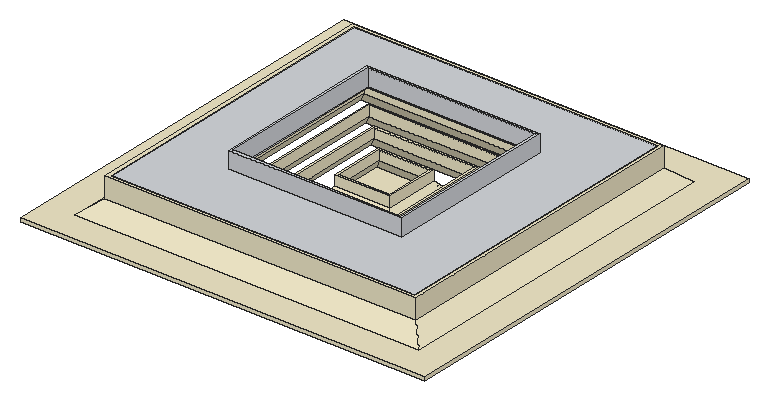
Revit family "Square Diffuser-Square Neck-Extract", category Air Terminals, Revit 2013
Parameters (values of type "600x600-Square Diffuser-Round Neck-Supply")
  UpFlowArrow [instance] = yes
  Title 1 = ""
  Pressure Drop [instance] = 14.0 Pa
  RightFlowArrow [instance] = yes
  Max Flow = 125.0 L/s
  LeftFlowArrow [instance] = yes
  Flow [instance] = 100.0 L/s
  Diffuser Service [instance] = "ED"
  Diffuser Neck Length = 450 mm
  Diffuser Neck Width = 450 mm
  DownFlowArrow [instance] = yes
  Diffuser Total Length = Diffuser Neck Length + 150.0 mm  # 600.0 mm
  Diffuser Total Width = Diffuser Neck Width + 150.0 mm  # 600.0 mm
  Description = ""
  Connection Length [instance] = if(Air Flow < 56.0 L/s, 150.0 mm, if(Air Flow < 91.0 L/s, 200.0 mm, if(Air Flow < 141.0 L/s, 250.0 mm, if(Air Flow < 191.0 L/s, 300.0 mm, if(Air Flow < 301.0 L/s, 300.0 mm, if(Air Flow < 251.0 L/s, 350.0 mm, 400.0 mm))))))  # 250 mm
  Assembly Code = ""
  Air Flow [instance] = Flow  # 100.0 L/s
Types (5, lengths in mm): name | Max Flow | Flow | Diffuser Service | Diffuser Neck Length | Diffuser Neck Width | Diffuser Total Length | Diffuser Total Width | Connection Length | Air Flow
  600x600-Square Diffuser-Round Neck-Supply | 125.0 L/s | 100.0 L/s | "ED" | 450 | 450 | 600.0 | 600.0 | 250 | 100.0 L/s
  525x525-Square Diffuser-Round Neck-Supply | 70.0 L/s | 70.0 L/s | "SD" | 375 | 375 | 525.0 | 525.0 | 200 | 70.0 L/s
  450x450-Square Diffuser-Round Neck-Supply | 70.0 L/s | 70.0 L/s | "SD" | 300 | 300 | 450.0 | 450.0 | 200 | 70.0 L/s
  300x300-Square Diffuser-Round Neck-Supply | 30.0 L/s | 65.0 L/s | "SD" | 225 | 225 | 375.0 | 375.0 | 200 | 65.0 L/s
  375x375-Square Diffuser-Round Neck-Supply | 120.0 L/s | 120.0 L/s | "SD" | 225 | 225 | 375.0 | 375.0 | 250 | 120.0 L/s
Reference planes
  plane 1 "Center (Front/Back)": y = 0
  plane 2: z = 0
  plane 3 "Center (Left/Right)": x = 0
  plane 4: x = -225
  plane 5: x = 225
  plane 6: x = -230
  plane 7: x = 230
  plane 8: y = 225
  plane 9: y = -225
  plane 10: y = 230
  plane 11: y = -230
  plane 12: z = -5
  plane 13: x = -255
  plane 14: x = -300
  plane 15: x = 255
  plane 16: x = 300
  plane 17: z = 20
  plane 18 "Neck": z = 50
  plane 19: y = 350
  plane 20: x = 350
  plane 21: y = -350
  plane 22: x = -350
  plane 23 "Duct Conn": z = 75
  plane 24: x = 125
  plane 25: y = -125
  plane 26: y = 125
  plane 27: y = 128
  plane 28: y = -128
  plane 29: x = -125
  plane 30: x = -128
  plane 31: x = 128
Forms (mm)
  Sweep 1, solid, material "Grille"
    path origin (0, 0, 0) x (1, 0, 0) y (0, 1, 0)
      loop
        line (-230, -230) -> (230, -230) -> (230, 230) -> (-230, 230) -> (-230, -230)
    profile origin (-230, 0, 0) x (-1, 0, 0) y (0, 0, 1)
      loop
        line (70, -5) -> (70, 0) -> (25, 0) -> (0, 20) -> (0, 50) -> (-5, 50) -> (-5, 17.597) -> (23.246, -5) -> (70, -5)
  Sweep 2, solid, material "Grille"
    path origin (0, 0, 0) x (1, 0, 0) y (0, 1, 0)
      loop
        line (-212.5, -212.5) -> (212.5, -212.5) -> (212.5, 212.5) -> (-212.5, 212.5) -> (-212.5, -212.5)
    profile "Sq Diff Fins : Sq Diff Fins" origin (-212.5, 0, 0) x (-1, 0, 0) y (0, 0, 1)
      loop
        line (0, -5) -> (-22, 20) -> (-22, 35) -> (-25, 35) -> (-25, 20) -> (-3.5, -5) -> (0, -5)
  Sweep 3, solid, material "Grille"
    path origin (0, 0, 0) x (1, 0, 0) y (0, 1, 0)
      loop
        line (-175, -175) -> (175, -175) -> (175, 175) -> (-175, 175) -> (-175, -175)
    profile "Sq Diff Fins : Sq Diff Fins" origin (-175, 0, 0) x (-1, 0, 0) y (0, 0, 1)
      loop
        line (0, -5) -> (-22, 20) -> (-22, 35) -> (-25, 35) -> (-25, 20) -> (-3.5, -5) -> (0, -5)
  Sweep 4, solid, material "Grille"
    path origin (0, 0, 0) x (1, 0, 0) y (0, 1, 0)
      loop
        line (-137.5, -137.5) -> (137.5, -137.5) -> (137.5, 137.5) -> (-137.5, 137.5) -> (-137.5, -137.5)
    profile "Sq Diff Fins : Sq Diff Fins" origin (-137.5, 0, 0) x (-1, 0, 0) y (0, 0, 1)
      loop
        line (0, -5) -> (-22, 20) -> (-22, 35) -> (-25, 35) -> (-25, 20) -> (-3.5, -5) -> (0, -5)
  Sweep 5, solid, material "Grille"
    path origin (0, 0, 0) x (1, 0, 0) y (0, 1, 0)
      loop
        line (-100, -100) -> (100, -100) -> (100, 100) -> (-100, 100) -> (-100, -100)
    profile "Sq Diff Fins : Sq Diff Fins" origin (-100, 0, 0) x (-1, 0, 0) y (0, 0, 1)
      loop
        line (0, -5) -> (-22, 20) -> (-22, 35) -> (-25, 35) -> (-25, 20) -> (-3.5, -5) -> (0, -5)
  Sweep 6, solid, material "Grille"
    path origin (0, 0, 0) x (1, 0, 0) y (0, 1, 0)
      loop
        line (-62.5, -62.5) -> (62.5, -62.5) -> (62.5, 62.5) -> (-62.5, 62.5) -> (-62.5, -62.5)
    profile "Sq Diff Fins : Sq Diff Fins" origin (-62.5, 0, 0) x (-1, 0, 0) y (0, 0, 1)
      loop
        line (0, -5) -> (-22, 20) -> (-22, 35) -> (-25, 35) -> (-25, 20) -> (-3.5, -5) -> (0, -5)
  Extrusion 7, solid, material "Grille"
    sketch origin (0, 0, 0) x (1, 0, 0) y (0, 1, 0)
      loop
        line (-62.5, -62.5) -> (62.5, -62.5) -> (62.5, 62.5) -> (-62.5, 62.5) -> (-62.5, -62.5)
    from -5 to -4
  Extrusion 8, solid
    sketch origin (0, 0, 0) x (1, 0, 0) y (0, 1, 0)
      loop
        line (-225, -225) -> (225, -225) -> (225, 225) -> (-225, 225) -> (-225, -225)
    from 50 to 48
  Extrusion 9, solid
    sketch origin (0, 0, 75) x (-1, 0, 0) y (0, -1, 0)
      loop
        line (125, 125) -> (-125, 125) -> (-125, -125) -> (125, -125) -> (125, 125)
      loop
        line (128, 128) -> (-128, 128) -> (-128, -128) -> (128, -128) -> (128, 128)
    from 0 to -25
  Extrusion 10, void
    sketch origin (0, 0, 50) x (-1, 0, 0) y (0, -1, 0)
      loop
        line (125, 125) -> (-125, 125) -> (-125, -125) -> (125, -125) -> (125, 125)
    from 0 to -2
Cuts and joins
  Extrusion 10 cuts Extrusion 8
Lines and regions (mm)
  symbolic lines
    curve 1: line (-300, 300, 0) -> (300, 300, 0)
    curve 2: line (-300, -300, 0) -> (-300, 300, 0)
    curve 3: line (300, -300, 0) -> (-300, -300, 0)
    curve 4: line (300, 300, 0) -> (300, -300, 0)
    curve 5: line (300, 300, 0) -> (-300, -300, 0)
    curve 6: line (-300, 300, 0) -> (300, -300, 0)
Dimensions and locks
  equal spacing: plane 5, plane 3 "Center (Left/Right)", plane 4
  "Diffuser Neck Length": plane 5 to plane 4
  locked: plane 6 to plane 4 at 5
  locked: plane 7 to plane 5 at 5
  equal spacing: plane 8, plane 1 "Center (Front/Back)", plane 9
  "Diffuser Neck Width": plane 8 to plane 9
  locked: plane 9 to plane 11 at 5
  locked: plane 10 to plane 8 at 5
  locked: level to plane 12 at 5
  locked: plane 4 to plane 13 at 30
  locked: plane 13 to plane 14 at 45
  locked: plane 15 to plane 5 at 30
  locked: plane 16 to plane 15 at 45
  locked: plane 17 to level at 20
  locked: plane 18 "Neck" to plane 17 at 30
  plane 5 to plane 20 = 125.0 mm
  plane 22 to plane 4 = 125.0 mm
  plane 19 to plane 8 = 125.0 mm
  plane 9 to plane 21 = 125.0 mm
  plane 23 "Duct Conn" to plane 18 "Neck" = 25.0 mm
  equal spacing: plane 26, plane 1 "Center (Front/Back)", plane 25
  "Connection Length": plane 26 to plane 25
  locked: plane 25 to plane 28 at 3
  locked: plane 27 to plane 26 at 3
  equal spacing: plane 29, plane 3 "Center (Left/Right)", plane 24
  "Connection Length": plane 29 to plane 24
  locked: plane 24 to plane 31 at 3
  locked: plane 30 to plane 29 at 3
  aligned and locked: plane 20 to nested 1
  aligned and locked: nested 3 to plane 22
  aligned and locked: plane 19 to nested 2
  aligned and locked: nested 4 to plane 21
Automatic sketch dimensions
  Sweep 1 sketch curve to plane 10 = 0.0 mm
  Sweep 1 sketch curve to plane 6 = 0.0 mm
  Sweep 1 sketch curve to plane 7 = 0.0 mm
  Sweep 1 sketch curve to plane 11 = 0.0 mm
  Sweep 1 sketch curve to profile plane = 0.0 mm
  Sweep 1 sketch curve to level = 0.0 mm
  Sweep 1 sketch curve to Sweep 1 sketch curve = 5.0 mm
  Sweep 1 sketch curve to profile plane = 25.0 mm
  Sweep 1 sketch curve to Sweep 1 sketch curve = 45.0 mm
  Sweep 1 sketch curve to level = 5.0 mm
  Sweep 1 sketch curve to Sweep 1 sketch curve = 1.754 mm
  level to Sweep 1 sketch curve = 20.0 mm
  Sweep 1 sketch curve to Sweep 1 sketch curve = 30.0 mm
  Sweep 1 sketch curve to Sweep 1 sketch curve = 2.403 mm
  Sweep 2 sketch curve to plane 8 = 12.5 mm
  plane 4 to Sweep 2 sketch curve = 12.5 mm
  plane 9 to Sweep 2 sketch curve = 12.5 mm
  Sweep 2 sketch curve to plane 5 = 12.5 mm
  plane 4 to Sweep 3 sketch curve = 50.0 mm
  Sweep 3 sketch curve to plane 8 = 50.0 mm
  Sweep 3 sketch curve to plane 5 = 50.0 mm
  plane 9 to Sweep 3 sketch curve = 50.0 mm
  plane 4 to Sweep 4 sketch curve = 87.5 mm
  Sweep 4 sketch curve to plane 8 = 87.5 mm
  Sweep 4 sketch curve to plane 5 = 87.5 mm
  plane 9 to Sweep 4 sketch curve = 87.5 mm
  Sweep 5 sketch curve to plane 3 "Center (Left/Right)" = 100.0 mm
  Sweep 5 sketch curve to plane 1 "Center (Front/Back)" = 100.0 mm
  plane 3 "Center (Left/Right)" to Sweep 5 sketch curve = 100.0 mm
  plane 1 "Center (Front/Back)" to Sweep 5 sketch curve = 100.0 mm
  Sweep 6 sketch curve to plane 3 "Center (Left/Right)" = 62.5 mm
  Sweep 6 sketch curve to plane 1 "Center (Front/Back)" = 62.5 mm
  plane 3 "Center (Left/Right)" to Sweep 6 sketch curve = 62.5 mm
  plane 1 "Center (Front/Back)" to Sweep 6 sketch curve = 62.5 mm
  Extrusion 7 sketch curve to plane 3 "Center (Left/Right)" = 62.5 mm
  plane 1 "Center (Front/Back)" to Extrusion 7 sketch curve = 62.5 mm
  plane 3 "Center (Left/Right)" to Extrusion 7 sketch curve = 62.5 mm
  Extrusion 7 sketch curve to plane 1 "Center (Front/Back)" = 62.5 mm
  Extrusion 8 sketch curve to plane 4 = 0.0 mm
  Extrusion 8 sketch curve to plane 5 = 0.0 mm
  Extrusion 8 sketch curve to plane 9 = 0.0 mm
  Extrusion 8 sketch curve to plane 8 = 0.0 mm
  curve 1 to plane 14 = 0.0 mm
  plane 21 to curve 3 = 50.0 mm
  curve 6 to plane 16 = 0.0 mm
  curve 4 to plane 19 = 50.0 mm
  Extrusion 9 sketch curve to plane 27 = 0.0 mm
  Extrusion 9 sketch curve to plane 31 = 0.0 mm
  Extrusion 9 sketch curve to plane 24 = 0.0 mm
  Extrusion 9 sketch curve to plane 26 = 0.0 mm
  Extrusion 9 sketch curve to plane 29 = 0.0 mm
  Extrusion 9 sketch curve to plane 30 = 0.0 mm
  Extrusion 9 sketch curve to plane 25 = 0.0 mm
  Extrusion 9 sketch curve to plane 28 = 0.0 mm
  Extrusion 10 sketch curve to plane 24 = 0.0 mm
  Extrusion 10 sketch curve to plane 26 = 0.0 mm
  Extrusion 10 sketch curve to plane 29 = 0.0 mm
  Extrusion 10 sketch curve to plane 25 = 0.0 mm
Nested families
  nested 1: "Ret-Arr" at (350, 0, 0), visible <- "RightFlowArrow", type "Ret-Arr"
  nested 2: "Ret-Arr" at (0, 350, 0) x (0, 1, 0) z (0, 0, 1), visible <- "UpFlowArrow", type "Ret-Arr"
  nested 3: "Ret-Arr" at (-350, 0, 0) x (-1, 0, 0) z (0, 0, 1), visible <- "LeftFlowArrow", type "Ret-Arr"
  nested 4: "Ret-Arr" at (0, -350, 0) x (0, -1, 0) z (0, 0, 1), visible <- "DownFlowArrow", type "Ret-Arr"
Connectors
  hvac at (0, 0, 75), driven by "Connection Length", driven by "Connection Length"
    settings: on Extrusion 9, index 1, duct flow 0.0 L/s, flow factor 0, pres drop 0.0 Pa, loss coef 0, conn angle 0.00°, conn width 250 mm, conn height 250 mm, conn radius 304.8 mm, duct sys type 3, conn prof type 1, flow config 0, flow direction 0, loss method 0, conn ref index -1, conn util no, is conn primary yes, conn desc ""
Definition of nested family "Ret-Arr"
  Reference planes
    plane 1 "Center (Front/Back)": y = 0
    plane 2: z = 0
    plane 3 "Center (Left/Right)": x = 0
  Lines and regions (mm)
    Filled region 1, type "Solid Fill - Black", in view "Ref. Level"
      outline origin (0, 0, 0) x (1, 0, 0) y (0, 1, 0)
        loop
          line (0, 0) -> (100, -28.439) -> (100, -8) -> (151.671, -8) -> (165.7, -65.127) -> (187.473, 22.199) -> (196.132, -8) -> (250, -8) -> (250, 8) -> (201.704, 8) -> (187.005, 59.263) -> (165.794, -25.808) -> (156.736, 8) -> (100, 8) -> (100, 28.675) -> (0, 0)
    detail lines, in view "Ref. Level"
      curve 1: line (0, 0, 0) -> (100, 28.675, 0)
      curve 2: line (100, 8, 0) -> (100, 28.675, 0)
      curve 3: line (100, 8, 0) -> (156.736, 8, 0)
      curve 4: line (156.736, 8, 0) -> (165.794, -25.808, 0)
      curve 5: line (165.794, -25.808, 0) -> (187.005, 59.263, 0)
      curve 6: line (187.005, 59.263, 0) -> (201.704, 8, 0)
      curve 7: line (201.704, 8, 0) -> (250, 8, 0)
      curve 8: line (250, 8, 0) -> (250, -8, 0)
      curve 9: line (250, -8, 0) -> (196.132, -8, 0)
      curve 10: line (196.132, -8, 0) -> (187.473, 22.199, 0)
      curve 11: line (187.473, 22.199, 0) -> (165.7, -65.127, 0)
      curve 12: line (165.7, -65.127, 0) -> (151.671, -8, 0)
      curve 13: line (151.671, -8, 0) -> (100, -8, 0)
      curve 14: line (100, -8, 0) -> (100, -28.439, 0)
      curve 15: line (100, -28.439, 0) -> (0, 0, 0)
